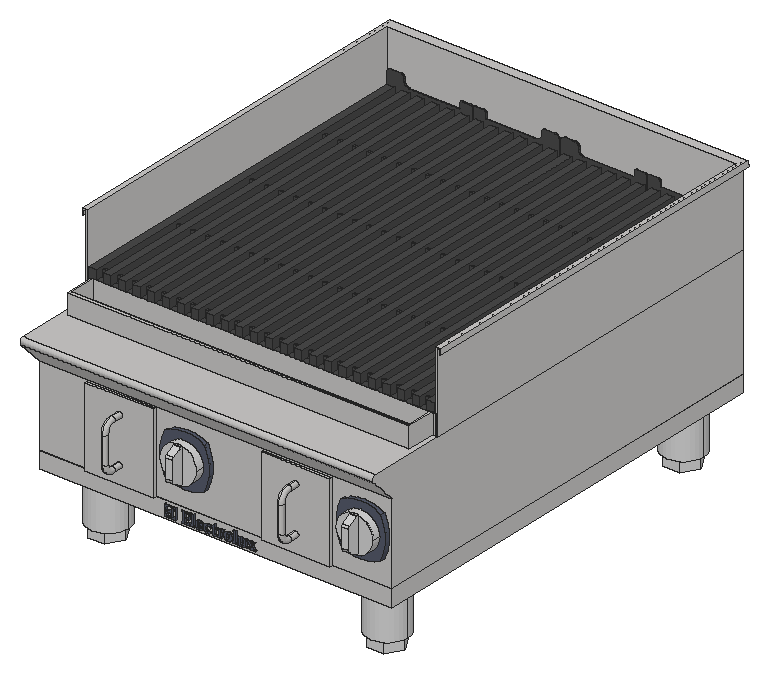
Revit family "QF_ELECTROLUXPROFESSIONAL_169120_AGG24", category Specialty Equipment, Revit 2018
Family settings
  Round Connector Dimension = Use Diameter
  Part Type = Normal
  Work Plane-Based = No
  Always vertical = Yes
  Cut with Voids When Loaded = No
  Shared = Yes
  Room Calculation Point = No
Parameters
  Weight = "130 lbs."
  Watts = 0 W
  URL Manufacturer = "www.electrolux.com/foodservice"
  URL Cutsheet = "www.electrolux.com/foodservice"
  URL = "www.electrolux.com/foodservice"
  Type Mark [instance] = ""
  Type Comments = ""
  Status [instance] = ""
  Specification by User [instance] = ""
  Specification by Manufacturer = ""
  Show Logo [instance] = yes
  Show Clearance [instance] = yes
  Serial Number = ""
  Seismic Rating = ""
  SMACNA No = ""
  Revision Code [instance] = ""
  Omniclass Number and Title = ""
  NAFEM Spec ID Number = ""
  Model = "AGG24"
  Mechanical Remarks [instance] = ""
  Mechanical Connection Type [instance] = ""
  MasterSpec. = ""
  Manufacturer = "ELECTROLUX"
  Item Number [instance] = ""
  Installed By [instance] = ""
  Identify Quantity as Lot [instance] = yes
  HP = "0 HP"
  Gas Size = 3/4"
  Gas RI Height [instance] = 0"
  Gas RI Connection Height [instance] = 6 15/16"
  Gas KW = 19.3
  Gas Input = 66000.0 Btu/h
  Furnished By [instance] = ""
  Foodservice Equipment Identifier [instance] = yes
  Direct Waste Size = 0"
  Description = "Gas Charbroiler Top 24\""
  CSI MasterFormat = ""
  CSI Master Format = ""
Reference planes (in)
  plane 1 "BACK": y = 0
  plane 2: z = 0
  plane 3 "LEFT": x = 0
  plane 4 "RIGHT": x = 24
  plane 5 "FRONT": y = -31.49658
  plane 6 "TOP": z = 18.375
Forms (in)
  Extrusion 1, solid, material "QF_Finishes_Stainless Steel"
    sketch origin (0, 0, 0) x (0, 1, 0) y (0, 0, 1)
      loop
        arc (-31.25479, 12.9375) -> (-31.47376, 12.79398) -> (-31.42952, 12.53592) r 0.23881
        line (-31.42952, 12.53592) -> (-29.875, 10.86712) -> (-29.875, 5.4064) -> (0, 5.4064) -> (0, 12.9375) -> (-31.25479, 12.9375)
      loop
        line (-29.875, 5.36699) -> (-29.875, 4.25) -> (0, 4.25) -> (0, 5.34478) -> (-29.875, 5.36699)
    from 0 to 24.00787
  Extrusion 2, solid, material "QF_Finishes_Handrails and Railings"
    sketch origin (0.0197, -1.36719, 0) x (1, 0, 0) y (0, 1, 0)
      loop
        line (3.07085, -24.73494) -> (1.88975, -24.73494) -> (1.2992, -25.75781) -> (1.88975, -26.78067) -> (3.07085, -26.78067) -> (3.6614, -25.75781) -> (3.07085, -24.73494)
    from 0 to 0.78729
  Revolve 3, solid, material "QF_Finishes_Handrails and Railings"
    sketch origin (0.0197, -27.125, 0) x (1, 0, 0) y (0, 0, 1)
      loop
        line (2.4803, 0.78729) -> (2.4803, 4.25) -> (1.10235, 4.25) -> (1.10235, 0.78729) -> (2.4803, 0.78729)
      axis (2.4803, 4.25) -> (2.4803, 0.78729)
    angle from 0 to 360
  Extrusion 4, solid, material "QF_Finishes_Handrails and Railings"
    sketch origin (0.0197, 23.82031, 0) x (1, 0, 0) y (0, 1, 0)
      loop
        line (3.07085, -24.73494) -> (1.88975, -24.73494) -> (1.2992, -25.75781) -> (1.88975, -26.78067) -> (3.07085, -26.78067) -> (3.6614, -25.75781) -> (3.07085, -24.73494)
    from 0 to 0.78729
  Revolve 5, solid, material "QF_Finishes_Handrails and Railings"
    sketch origin (0.0197, -1.9375, 0) x (1, 0, 0) y (0, 0, 1)
      loop
        line (2.4803, 0.78729) -> (2.4803, 4.25) -> (1.10235, 4.25) -> (1.10235, 0.78729) -> (2.4803, 0.78729)
      axis (2.4803, 4.25) -> (2.4803, 0.78729)
    angle from 0 to 360
  Extrusion 6, solid, material "Navy Blue"
    sketch origin (18, 0, 0) x (-1, 0, 0) y (0, 0, -1)
      loop
        arc (6.50574, -9.87065) -> (7.85673, -10.23541) -> (9.20772, -9.87065) r 2.68427
        arc (9.20772, -9.87065) -> (9.54528, -8.46518) -> (9.20772, -7.05971) r 3.09468
        arc (9.20772, -7.05971) -> (7.85673, -6.69495) -> (6.50574, -7.05971) r 2.68427
        arc (6.50574, -7.05971) -> (6.16818, -8.46518) -> (6.50574, -9.87065) r 3.09468
    from 29.875 to 30.17272
  Extrusion 7, solid, material "QF_Finishes_Handrails and Railings"
    sketch origin (18, 0, 0) x (-1, 0, 0) y (0, 0, -1)
      loop
        circle (7.85673, -8.46518) r 1.25
    from 30.17272 to 30.7208
  Extrusion 8, solid, material "QF_Finishes_Handrails and Railings"
    sketch origin (18, -0.08156, 0) x (0, 1, 0) y (0, 0, -1)
      loop
        line (-30.7208, -9.61954) -> (-30.63924, -9.61954) -> (-30.63924, -7.31125) -> (-30.7208, -7.31125) -> (-31.27282, -7.62384)
        arc (-31.27282, -7.62384) -> (-31.37661, -7.72631) -> (-31.41471, -7.86711) r 0.27972
        line (-31.41471, -7.86711) -> (-31.41533, -9.12681)
        arc (-31.41533, -9.12681) -> (-31.39236, -9.21203) -> (-31.32961, -9.27409) r 0.16924
        line (-31.32961, -9.27409) -> (-30.7208, -9.61954)
    from 7.63866 to 8.09484
  Extrusion 9, solid, material "Navy Blue", visible <- "Show Logo"
    sketch origin (-13.82651, 16.02487, -64.47924) x (1, 0, 0) y (0, 0, 1)
      loop
        line (22.92786, 69.6462) -> (22.92786, 68.97238)
        arc (22.92786, 68.97238) -> (23.17694, 69.30929) -> (22.92786, 69.6462) r 0.35239
      loop
        arc (22.89359, 69.6462) -> (22.61337, 69.58251) -> (22.47836, 69.32883) r 0.34534
        line (22.47836, 69.32883) -> (22.58983, 69.32883)
        arc (22.58983, 69.32883) -> (22.78898, 69.40966) -> (22.89359, 69.59741) r 0.32369
        line (22.89359, 69.59741) -> (22.89359, 69.6462)
      loop
        arc (22.89359, 69.02118) -> (22.78898, 69.20892) -> (22.58983, 69.28976) r 0.32369
        line (22.58983, 69.28976) -> (22.47836, 69.28976)
        arc (22.47836, 69.28976) -> (22.61314, 69.03398) -> (22.89359, 68.96373) r 0.35438
        line (22.89359, 68.96373) -> (22.89359, 69.02118)
      loop
        line (22.45278, 69.68297) -> (22.45278, 68.93408) -> (23.20268, 68.93408) -> (23.20268, 69.68297) -> (22.45278, 69.68297)
      loop
        line (23.57392, 69.68753) -> (23.57392, 69.6483)
        arc (23.57392, 69.6483) -> (23.62149, 69.63495) -> (23.64661, 69.59241) r 0.06626
        line (23.64661, 69.59241) -> (23.64661, 69.02506)
        arc (23.64661, 69.02506) -> (23.62256, 68.98016) -> (23.57396, 68.96488) r 0.06745
        line (23.57396, 68.96488) -> (23.57396, 68.92937) -> (24.14289, 68.92937) -> (24.14289, 69.07925) -> (24.094, 69.07925)
        arc (24.094, 69.07925) -> (24.0624, 69.02972) -> (24.00915, 69.0049) r 0.10503
        line (24.00915, 69.0049) -> (23.87299, 69.0049)
        arc (23.87299, 69.0049) -> (23.83329, 69.01991) -> (23.81345, 69.05743) r 0.06
        line (23.81345, 69.05743) -> (23.81345, 69.28009) -> (24.01361, 69.28009)
        arc (24.01361, 69.28009) -> (24.04135, 69.26003) -> (24.05328, 69.22795) r 0.05899
        line (24.05328, 69.22795) -> (24.08489, 69.22795) -> (24.08489, 69.40532) -> (24.05328, 69.40532)
        arc (24.05328, 69.40532) -> (24.04135, 69.37324) -> (24.01361, 69.35319) r 0.05899
        line (24.01361, 69.35319) -> (23.81345, 69.35319) -> (23.81345, 69.60803) -> (24.01764, 69.60803)
        arc (24.01764, 69.60803) -> (24.06367, 69.59288) -> (24.08951, 69.55188) r 0.07161
        line (24.08951, 69.55188) -> (24.12389, 69.55188) -> (24.12389, 69.68753) -> (23.57392, 69.68753)
      loop
        line (24.19687, 69.68753) -> (24.19687, 69.65098)
        arc (24.19687, 69.65098) -> (24.24558, 69.63081) -> (24.26576, 69.58209) r 0.06889
        line (24.26576, 69.58209) -> (24.26576, 69.05632)
        arc (24.26576, 69.05632) -> (24.24416, 69.00892) -> (24.19421, 68.99412) r 0.06281
        line (24.19421, 68.99412) -> (24.19421, 68.92937) -> (24.48487, 68.92937) -> (24.48487, 68.99412)
        arc (24.48487, 68.99412) -> (24.43492, 69.00892) -> (24.41332, 69.05632) r 0.06281
        line (24.41332, 69.05632) -> (24.41332, 69.71411) -> (24.19687, 69.68753)
      loop
        line (24.67774, 69.1307) -> (24.67774, 69.19988) -> (25.02902, 69.19988) -> (25.02902, 69.24342)
        arc (25.02902, 69.24342) -> (24.97537, 69.38403) -> (24.8417, 69.45315) r 0.21106
        line (24.8417, 69.45315) -> (24.74575, 69.45315)
        arc (24.74575, 69.45315) -> (24.58967, 69.3885) -> (24.52503, 69.23242) r 0.22073
        line (24.52503, 69.23242) -> (24.52503, 69.123)
        arc (24.52503, 69.123) -> (24.60594, 68.96944) -> (24.76978, 68.91213) r 0.23712
        arc (24.76978, 68.91213) -> (24.904, 68.93198) -> (25.01703, 69.00704) r 0.31131
        line (25.01703, 69.00704) -> (25.01703, 69.05875)
        arc (25.01703, 69.05875) -> (24.93153, 69.01883) -> (24.83791, 69.00704) r 0.304
        arc (24.83791, 69.00704) -> (24.73948, 69.04304) -> (24.68203, 69.1307) r 0.16658
      loop
        line (24.67774, 69.2685) -> (24.88387, 69.2685) -> (24.88387, 69.31067)
        arc (24.88387, 69.31067) -> (24.8636, 69.36636) -> (24.81228, 69.39599) r 0.08663
        line (24.81228, 69.39599) -> (24.7671, 69.39599)
        arc (24.7671, 69.39599) -> (24.69868, 69.34888) -> (24.67774, 69.2685) r 0.11901
      loop
        arc (25.57907, 69.42057) -> (25.48785, 69.4472) -> (25.39322, 69.45579) r 0.49163
        line (25.39322, 69.45579) -> (25.31898, 69.45579)
        arc (25.31898, 69.45579) -> (25.16644, 69.39261) -> (25.10326, 69.24007) r 0.21572
        line (25.10326, 69.24007) -> (25.10326, 69.09839)
        arc (25.10326, 69.09839) -> (25.1737, 68.97407) -> (25.30297, 68.91318) r 0.23599
        line (25.30297, 68.91318) -> (25.41932, 68.91318)
        arc (25.41932, 68.91318) -> (25.51994, 68.94946) -> (25.60259, 69.01736) r 0.31449
        line (25.60259, 69.01736) -> (25.60259, 69.06672) -> (25.56735, 69.06672)
        arc (25.56735, 69.06672) -> (25.51758, 69.02418) -> (25.45391, 69.00888) r 0.14017
        line (25.45391, 69.00888) -> (25.37135, 69.00888)
        arc (25.37135, 69.00888) -> (25.28191, 69.06369) -> (25.2469, 69.16257) r 0.15712
        line (25.2469, 69.16257) -> (25.2469, 69.23224)
        arc (25.2469, 69.23224) -> (25.27742, 69.33147) -> (25.36813, 69.38195) r 0.13914
        line (25.36813, 69.38195) -> (25.42553, 69.38195)
        arc (25.42553, 69.38195) -> (25.4982, 69.34763) -> (25.53993, 69.27894) r 0.13972
        line (25.53993, 69.27894) -> (25.57907, 69.27894) -> (25.57907, 69.42057)
      loop
        line (25.5938, 69.36509) -> (25.67558, 69.36509) -> (25.67558, 69.03555)
        arc (25.67558, 69.03555) -> (25.71142, 68.94902) -> (25.79795, 68.91318) r 0.12237
        line (25.79795, 68.91318) -> (25.88423, 68.91318)
        arc (25.88423, 68.91318) -> (25.95312, 68.94271) -> (26.00819, 68.99355) r 0.22123
        line (26.00819, 68.99355) -> (26.00819, 69.02847) -> (25.97122, 69.02847)
        arc (25.97122, 69.02847) -> (25.93052, 69.00759) -> (25.88479, 69.00888) r 0.09207
        arc (25.88479, 69.00888) -> (25.84186, 69.03838) -> (25.82533, 69.08778) r 0.08208
        line (25.82533, 69.08778) -> (25.82533, 69.36773) -> (25.95595, 69.36773) -> (25.98627, 69.39804) -> (25.98627, 69.44281) -> (25.83045, 69.44281) -> (25.83045, 69.61886) -> (25.5938, 69.36509)
      loop
        line (26.03517, 68.92504) -> (26.32868, 68.92504) -> (26.32868, 68.98552)
        arc (26.32868, 68.98552) -> (26.27686, 69.00698) -> (26.2554, 69.0588) r 0.07328
        line (26.2554, 69.0588) -> (26.2554, 69.25583)
        arc (26.2554, 69.25583) -> (26.28765, 69.29749) -> (26.33792, 69.31327) r 0.088
        line (26.33792, 69.31327) -> (26.42268, 69.31327) -> (26.46, 69.45253) -> (26.38466, 69.45253)
        arc (26.38466, 69.45253) -> (26.3098, 69.42153) -> (26.2788, 69.34667) r 0.10586
        line (26.2788, 69.34667) -> (26.24521, 69.34667) -> (26.24521, 69.44913) -> (26.0346, 69.42699) -> (26.0346, 69.39208)
        arc (26.0346, 69.39208) -> (26.08292, 69.37113) -> (26.10845, 69.32506) r 0.08178
        line (26.10845, 69.32506) -> (26.10845, 69.0588)
        arc (26.10845, 69.0588) -> (26.08698, 69.00698) -> (26.03517, 68.98552) r 0.07328
        line (26.03517, 68.98552) -> (26.03517, 68.92504)
      loop
        line (26.4717, 69.2575) -> (26.4717, 69.11082)
        arc (26.4717, 69.11082) -> (26.54295, 68.97757) -> (26.68084, 68.91579) r 0.23366
        arc (26.68084, 68.91579) -> (26.75604, 68.91233) -> (26.83125, 68.91579) r 0.81853
        arc (26.83125, 68.91579) -> (26.96914, 68.97757) -> (27.04039, 69.11082) r 0.23366
        line (27.04039, 69.11082) -> (27.04039, 69.2575)
        arc (27.04039, 69.2575) -> (26.96914, 69.39075) -> (26.83125, 69.45253) r 0.23366
        arc (26.83125, 69.45253) -> (26.75604, 69.45599) -> (26.68084, 69.45253) r 0.81853
        arc (26.68084, 69.45253) -> (26.54295, 69.39075) -> (26.4717, 69.2575) r 0.23366
      loop
        line (26.64139, 69.26866) -> (26.64139, 69.09966)
        arc (26.64139, 69.09966) -> (26.75891, 68.98213) -> (26.87643, 69.09966) r 0.11752
        line (26.87643, 69.09966) -> (26.87643, 69.26866)
        arc (26.87643, 69.26866) -> (26.75891, 69.38619) -> (26.64139, 69.26866) r 0.11752
      loop
        line (27.08187, 69.68753) -> (27.08187, 69.64903)
        arc (27.08187, 69.64903) -> (27.13059, 69.62885) -> (27.15076, 69.58014) r 0.06889
        line (27.15076, 69.58014) -> (27.15076, 69.04265)
        arc (27.15076, 69.04265) -> (27.12916, 68.99525) -> (27.07922, 68.98045) r 0.06281
        line (27.07922, 68.98045) -> (27.07922, 68.92937) -> (27.36987, 68.92937) -> (27.36987, 68.98045)
        arc (27.36987, 68.98045) -> (27.31992, 68.99525) -> (27.29832, 69.04265) r 0.06281
        line (27.29832, 69.04265) -> (27.29832, 69.71411) -> (27.08187, 69.68753)
      loop
        arc (27.56578, 68.9189) -> (27.48158, 68.95913) -> (27.44739, 69.04596) r 0.12738
        line (27.44739, 69.04596) -> (27.44739, 69.31948)
        arc (27.44739, 69.31948) -> (27.42537, 69.36878) -> (27.37395, 69.38526) r 0.06618
        line (27.37395, 69.38526) -> (27.37395, 69.42631) -> (27.59762, 69.44982) -> (27.59762, 69.11219)
        arc (27.59762, 69.11219) -> (27.62174, 69.04935) -> (27.68172, 69.01879) r 0.09392
        arc (27.68172, 69.01879) -> (27.73752, 69.02275) -> (27.78856, 69.04565) r 0.16019
        line (27.78856, 69.04565) -> (27.78856, 69.32369)
        arc (27.78856, 69.32369) -> (27.76083, 69.36469) -> (27.71529, 69.38406) r 0.08743
        line (27.71529, 69.38406) -> (27.71529, 69.42692) -> (27.94433, 69.44294) -> (27.94433, 69.02604)
        arc (27.94433, 69.02604) -> (27.9585, 68.98878) -> (27.99384, 68.97036) r 0.05606
        line (27.99384, 68.97036) -> (27.99384, 68.92937) -> (27.8523, 68.92937)
        arc (27.8523, 68.92937) -> (27.81996, 68.94344) -> (27.80822, 68.97669) r 0.04419
        line (27.80822, 68.97669) -> (27.77574, 68.97669)
        arc (27.77574, 68.97669) -> (27.72, 68.93392) -> (27.65141, 68.91872) r 0.1623
        line (27.65141, 68.91872) -> (27.5689, 68.91872)
      loop
        line (27.99384, 69.43917) -> (27.99384, 69.40417)
        arc (27.99384, 69.40417) -> (28.05152, 69.38277) -> (28.10231, 69.34805) r 0.25223
        line (28.10231, 69.34805) -> (28.22795, 69.17511) -> (28.05838, 68.98679)
        arc (28.05838, 68.98679) -> (28.03693, 68.97387) -> (28.01192, 68.97509) r 0.04299
        line (28.01192, 68.97509) -> (28.01192, 68.92937) -> (28.20509, 68.92937) -> (28.20509, 68.97439)
        arc (28.20509, 68.97439) -> (28.18534, 68.99304) -> (28.19035, 69.01974) r 0.02835
        line (28.19035, 69.01974) -> (28.27051, 69.11781) -> (28.34546, 69.00239)
        arc (28.34546, 69.00239) -> (28.32857, 68.98053) -> (28.30136, 68.97581) r 0.03815
        line (28.30136, 68.97581) -> (28.30136, 68.92937) -> (28.63046, 68.92937) -> (28.63046, 68.97768)
        arc (28.63046, 68.97768) -> (28.59456, 68.98133) -> (28.56559, 69.00285) r 0.06795
        line (28.56559, 69.00285) -> (28.38385, 69.23546) -> (28.48746, 69.35895)
        arc (28.48746, 69.35895) -> (28.53396, 69.39302) -> (28.59095, 69.40172) r 0.12107
        line (28.59095, 69.40172) -> (28.59095, 69.43917) -> (28.38306, 69.43917) -> (28.38306, 69.40172)
        arc (28.38306, 69.40172) -> (28.41038, 69.38848) -> (28.40759, 69.35825) r 0.02666
        line (28.40759, 69.35825) -> (28.33803, 69.27536) -> (28.27317, 69.36799)
        arc (28.27317, 69.36799) -> (28.28698, 69.39468) -> (28.31549, 69.40418) r 0.03992
        line (28.31549, 69.40418) -> (28.31549, 69.43917) -> (27.99384, 69.43917)
    from 45.89987 to 45.9727
  Extrusion 10, solid, material "QF_Finishes_Clearance", visible <- "Show Clearance", detail levels coarse
    sketch origin (2.80868, 0.84181, 0) x (1, 0, 0) y (0, 1, 0)
      loop
        line (-8.80868, -32.33839) -> (-2.80868, -32.33839) -> (-2.80868, -0.84181) -> (21.19919, -0.84181) -> (21.19919, -32.33839) -> (27.19919, -32.33839) -> (27.19919, 7.15819) -> (-8.80868, 7.15819) -> (-8.80868, -32.33839)
    from 0 to 18.375
  Extrusion 11, solid, material "QF_Finishes_Stainless Steel"
    sketch origin (-7.19537, -1.848, 2.75) x (1, 0, 0) y (0, 0, 1)
      loop
        circle (8.69537, 4.1875) r 0.375
    from -2.473 to -1.848
  Extrusion 12, solid, material "QF_Finishes_Handrails and Railings"
    sketch origin (23.9803, -1.36719, 0) x (-1, 0, 0) y (0, -1, 0)
      loop
        line (3.07085, 24.73494) -> (3.6614, 25.75781) -> (3.07085, 26.78067) -> (1.88975, 26.78067) -> (1.2992, 25.75781) -> (1.88975, 24.73494) -> (3.07085, 24.73494)
    from 0 to 0.78729
  Revolve 13, solid, material "QF_Finishes_Handrails and Railings"
    sketch origin (23.9803, -27.125, 0) x (-1, 0, 0) y (0, 0, -1)
      loop
        line (2.4803, -0.78729) -> (1.10235, -0.78729) -> (1.10235, -4.25) -> (2.4803, -4.25) -> (2.4803, -0.78729)
      axis (2.4803, -4.25) -> (2.4803, -0.78729)
    angle from 0 to 360
  Extrusion 14, solid, material "QF_Finishes_Handrails and Railings"
    sketch origin (23.9803, 23.82031, 0) x (-1, 0, 0) y (0, -1, 0)
      loop
        line (3.07085, 24.73494) -> (3.6614, 25.75781) -> (3.07085, 26.78067) -> (1.88975, 26.78067) -> (1.2992, 25.75781) -> (1.88975, 24.73494) -> (3.07085, 24.73494)
    from 0 to 0.78729
  Revolve 15, solid, material "QF_Finishes_Handrails and Railings"
    sketch origin (23.9803, -1.9375, 0) x (-1, 0, 0) y (0, 0, -1)
      loop
        line (2.4803, -0.78729) -> (1.10235, -0.78729) -> (1.10235, -4.25) -> (2.4803, -4.25) -> (2.4803, -0.78729)
      axis (2.4803, -4.25) -> (2.4803, -0.78729)
    angle from 0 to 360
  Extrusion 16, solid, material "QF_Finishes_Stainless Steel"
    sketch origin (14.08679, -0.01486, 0.01533) x (0, 0, 1) y (-1, 0, 0)
      loop
        line (5.37858, 6.1313) -> (10.77228, 6.1313) -> (10.77228, 10.81634) -> (5.37858, 10.81634) -> (5.37858, 6.1313)
    from 29.92264 to 30.06107
  Sweep 17, solid, material "QF_Finishes_Stainless Steel"
    path origin (5.61296, 6.02097, 25.16218) x (0, 0, -1) y (0, -1, 0)
      loop
        line (18.42574, 36.0969) -> (18.42574, 36.7219)
        arc (18.42574, 36.7219) -> (18.29892, 37.02809) -> (17.99273, 37.15492) r 0.43301
        line (17.99273, 37.15492) -> (16.1501, 37.15492)
        arc (16.1501, 37.15492) -> (15.84391, 37.02809) -> (15.71708, 36.7219) r 0.43301
        line (15.71708, 36.7219) -> (15.71708, 36.0969)
    profile origin (5.61296, -30.38843, 9.44509) x (0, 0, -1) y (-1, 0, 0)
      loop
        circle (-0.1847, 0) r 0.1847
  Extrusion 18, solid, material "QF_Finishes_Stainless Steel"
    sketch origin (0, 0, 0) x (1, 0, 0) y (0, 1, 0)
      loop
        line (0.125, -25.94113) -> (0.125, -0.47213) -> (23.88287, -0.47213) -> (23.88287, -25.94113) -> (24.00787, -25.94113) -> (24.00787, 0) -> (0, 0) -> (0, -25.94113) -> (0.125, -25.94113)
    from 12.9375 to 18.375
  Extrusion 19, solid, material "QF_Finishes_Stainless Steel"
    sketch origin (0, 0, 0) x (0, 1, 0) y (0, 0, 1)
      loop
        line (-0.47213, 14.3125) -> (-25.94113, 14.3125) -> (-25.94113, 12.9375) -> (-0.47213, 12.9375) -> (-0.47213, 14.3125)
    from 0.125 to 23.88287
  Extrusion 20, solid, material "QF_Finishes_Stainless Steel"
    sketch origin (0, 1.77555, 0.0625) x (1, 0, 0) y (0, 1, 0)
      loop
        line (23.61418, -29.68276) -> (23.61418, -27.71668) -> (23.48918, -27.71668) -> (23.48918, -29.55776) -> (0.5187, -29.55776) -> (0.5187, -27.71668) -> (0.3937, -27.71668) -> (0.3937, -29.68276) -> (23.61418, -29.68276)
    from 12.8739 to 14.25
  Extrusion 21, solid, material "QF_Finishes_Black"
    sketch origin (0, 0, 0.23007) x (1, 0, 0) y (0, 0, 1)
      loop
        line (0.25, 14.70743) -> (0.25, 14.08243) -> (0.74213, 14.08243) -> (0.74213, 14.70743) -> (0.25, 14.70743)
      loop
        line (1.25, 14.70743) -> (1.25, 14.08243) -> (1.74213, 14.08243) -> (1.74213, 14.70743) -> (1.25, 14.70743)
      loop
        line (2.25, 14.70743) -> (2.25, 14.08243) -> (2.74213, 14.08243) -> (2.74213, 14.70743) -> (2.25, 14.70743)
      loop
        line (3.25, 14.70743) -> (3.25, 14.08243) -> (3.74213, 14.08243) -> (3.74213, 14.70743) -> (3.25, 14.70743)
      loop
        line (4.25, 14.70743) -> (4.25, 14.08243) -> (4.74213, 14.08243) -> (4.74213, 14.70743) -> (4.25, 14.70743)
      loop
        line (5.25, 14.70743) -> (5.25, 14.08243) -> (5.74213, 14.08243) -> (5.74213, 14.70743) -> (5.25, 14.70743)
      loop
        line (6.25, 14.70743) -> (6.25, 14.08243) -> (6.74213, 14.08243) -> (6.74213, 14.70743) -> (6.25, 14.70743)
      loop
        line (7.25, 14.70743) -> (7.25, 14.08243) -> (7.74213, 14.08243) -> (7.74213, 14.70743) -> (7.25, 14.70743)
      loop
        line (8.25, 14.70743) -> (8.25, 14.08243) -> (8.74213, 14.08243) -> (8.74213, 14.70743) -> (8.25, 14.70743)
      loop
        line (9.25, 14.70743) -> (9.25, 14.08243) -> (9.74213, 14.08243) -> (9.74213, 14.70743) -> (9.25, 14.70743)
      loop
        line (10.25, 14.70743) -> (10.25, 14.08243) -> (10.74213, 14.08243) -> (10.74213, 14.70743) -> (10.25, 14.70743)
      loop
        line (11.25, 14.70743) -> (11.25, 14.08243) -> (11.74213, 14.08243) -> (11.74213, 14.70743) -> (11.25, 14.70743)
    from 0.53463 to 25.94113
  Extrusion 22, solid, material "QF_Finishes_Black"
    sketch origin (0, -0.79298, 0.23007) x (1, 0, 0) y (0, 1, 0)
      loop
        line (0.74213, -24.6794) -> (23.26575, -24.6794) -> (23.26575, -24.5544) -> (0.74213, -24.5544) -> (0.74213, -24.6794)
    from 14.08243 to 14.55429
  Extrusion 23, solid, material "QF_Finishes_Black"
    sketch origin (0, 5.45702, 0.23007) x (1, 0, 0) y (0, 1, 0)
      loop
        line (0.74213, -24.6794) -> (23.26575, -24.6794) -> (23.26575, -24.5544) -> (0.74213, -24.5544) -> (0.74213, -24.6794)
    from 14.08243 to 14.55429
  Extrusion 24, solid, material "QF_Finishes_Black"
    sketch origin (0, 11.70702, 0.23007) x (1, 0, 0) y (0, 1, 0)
      loop
        line (0.74213, -24.6794) -> (23.26575, -24.6794) -> (23.26575, -24.5544) -> (0.74213, -24.5544) -> (0.74213, -24.6794)
    from 14.08243 to 14.55429
  Extrusion 25, solid, material "QF_Finishes_Black"
    sketch origin (0, 17.95702, 0.23007) x (1, 0, 0) y (0, 1, 0)
      loop
        line (0.74213, -24.6794) -> (23.26575, -24.6794) -> (23.26575, -24.5544) -> (0.74213, -24.5544) -> (0.74213, -24.6794)
    from 14.08243 to 14.55429
  Extrusion 26, solid, material "QF_Finishes_Black"
    sketch origin (0, -0.47213, 0.23007) x (1, 0, 0) y (0, 0, 1)
      loop
        line (6.03125, 14.08243) -> (6.03125, 15.29625)
        arc (6.03125, 15.29625) -> (5.98404, 15.41022) -> (5.87007, 15.45743) r 0.16118
        line (5.87007, 15.45743) -> (5.34868, 15.45743)
        arc (5.34868, 15.45743) -> (5.23471, 15.41022) -> (5.1875, 15.29625) r 0.16118
        line (5.1875, 15.29625) -> (5.1875, 14.95743) -> (1.71808, 14.95743)
        arc (1.71808, 14.95743) -> (1.47549, 15.05792) -> (1.375, 15.30051) r 0.34308
        line (1.375, 15.30051) -> (1.375, 15.45743)
        arc (1.375, 15.45743) -> (1.30178, 15.63421) -> (1.125, 15.70743) r 0.25
        line (1.125, 15.70743) -> (0.5414, 15.70743)
        arc (0.5414, 15.70743) -> (0.24696, 15.58547) -> (0.125, 15.29104) r 0.4164
        line (0.125, 15.29104) -> (0.125, 14.08243) -> (6.03125, 14.08243)
    from 0 to 0.0625
  Extrusion 27, solid, material "QF_Finishes_Black"
    sketch origin (12.125, -0.47213, 0.23007) x (-1, 0, 0) y (0, 0, -1)
      loop
        line (6.03125, -14.08243) -> (0.125, -14.08243) -> (0.125, -15.29104)
        arc (0.125, -15.29104) -> (0.24696, -15.58547) -> (0.5414, -15.70743) r 0.4164
        line (0.5414, -15.70743) -> (1.125, -15.70743)
        arc (1.125, -15.70743) -> (1.30178, -15.63421) -> (1.375, -15.45743) r 0.25
        line (1.375, -15.45743) -> (1.375, -15.30051)
        arc (1.375, -15.30051) -> (1.47549, -15.05792) -> (1.71808, -14.95743) r 0.34308
        line (1.71808, -14.95743) -> (5.1875, -14.95743) -> (5.1875, -15.29625)
        arc (5.1875, -15.29625) -> (5.23471, -15.41022) -> (5.34868, -15.45743) r 0.16118
        line (5.34868, -15.45743) -> (5.87007, -15.45743)
        arc (5.87007, -15.45743) -> (5.98404, -15.41022) -> (6.03125, -15.29625) r 0.16118
        line (6.03125, -15.29625) -> (6.03125, -14.08243)
    from 0 to 0.0625
  Sweep 28, solid, material "QF_Finishes_Stainless Steel"
    path in 3D
      loop
        line (24.00787, -25.94113, 18.375) -> (24.00787, 0, 18.375) -> (0, 0, 18.375) -> (0, -25.94113, 18.375)
    profile origin (0, -12.97057, 18.375) x (1, 0, 0) y (0, 0, 1)
      loop
        line (0, 0) -> (-0.2067, 0) -> (-0.2067, -0.39097) -> (-0.1442, -0.39097) -> (-0.1442, -0.0625) -> (0, -0.0625) -> (0, 0)
  Extrusion 29, solid, material "QF_Finishes_Stainless Steel"
    sketch origin (0, 2.02555, 0.0625) x (1, 0, 0) y (0, 1, 0)
      loop
        line (0.5187, -29.80776) -> (23.48918, -29.80776) -> (23.48918, -27.96668) -> (0.5187, -27.96668) -> (0.5187, -29.80776)
    from 12.8739 to 12.9989
  Extrusion 30, solid, material "QF_Finishes_Black"
    sketch origin (12.01575, 0, 0.23007) x (1, 0, 0) y (0, 0, 1)
      loop
        line (0.25, 14.70743) -> (0.25, 14.08243) -> (0.74213, 14.08243) -> (0.74213, 14.70743) -> (0.25, 14.70743)
      loop
        line (1.25, 14.70743) -> (1.25, 14.08243) -> (1.74213, 14.08243) -> (1.74213, 14.70743) -> (1.25, 14.70743)
      loop
        line (2.25, 14.70743) -> (2.25, 14.08243) -> (2.74213, 14.08243) -> (2.74213, 14.70743) -> (2.25, 14.70743)
      loop
        line (3.25, 14.70743) -> (3.25, 14.08243) -> (3.74213, 14.08243) -> (3.74213, 14.70743) -> (3.25, 14.70743)
      loop
        line (4.25, 14.70743) -> (4.25, 14.08243) -> (4.74213, 14.08243) -> (4.74213, 14.70743) -> (4.25, 14.70743)
      loop
        line (5.25, 14.70743) -> (5.25, 14.08243) -> (5.74213, 14.08243) -> (5.74213, 14.70743) -> (5.25, 14.70743)
      loop
        line (6.25, 14.70743) -> (6.25, 14.08243) -> (6.74213, 14.08243) -> (6.74213, 14.70743) -> (6.25, 14.70743)
      loop
        line (7.25, 14.70743) -> (7.25, 14.08243) -> (7.74213, 14.08243) -> (7.74213, 14.70743) -> (7.25, 14.70743)
      loop
        line (8.25, 14.70743) -> (8.25, 14.08243) -> (8.74213, 14.08243) -> (8.74213, 14.70743) -> (8.25, 14.70743)
      loop
        line (9.25, 14.70743) -> (9.25, 14.08243) -> (9.74213, 14.08243) -> (9.74213, 14.70743) -> (9.25, 14.70743)
      loop
        line (10.25, 14.70743) -> (10.25, 14.08243) -> (10.74213, 14.08243) -> (10.74213, 14.70743) -> (10.25, 14.70743)
      loop
        line (11.25, 14.70743) -> (11.25, 14.08243) -> (11.74213, 14.08243) -> (11.74213, 14.70743) -> (11.25, 14.70743)
    from 0.53463 to 25.94113
  Extrusion 31, solid, material "QF_Finishes_Black"
    sketch origin (11.75, -0.79298, 0.23007) x (1, 0, 0) y (0, 1, 0)
      loop
        line (0.74213, -24.6794) -> (11.51575, -24.6794) -> (11.51575, -24.5544) -> (0.74213, -24.5544) -> (0.74213, -24.6794)
    from 14.08243 to 14.55429
  Extrusion 32, solid, material "QF_Finishes_Black"
    sketch origin (11.88287, -0.47213, 0.23007) x (1, 0, 0) y (0, 0, 1)
      loop
        line (6.03125, 14.08243) -> (6.03125, 15.29625)
        arc (6.03125, 15.29625) -> (5.98404, 15.41022) -> (5.87007, 15.45743) r 0.16118
        line (5.87007, 15.45743) -> (5.34868, 15.45743)
        arc (5.34868, 15.45743) -> (5.23471, 15.41022) -> (5.1875, 15.29625) r 0.16118
        line (5.1875, 15.29625) -> (5.1875, 14.95743) -> (1.71808, 14.95743)
        arc (1.71808, 14.95743) -> (1.47549, 15.05792) -> (1.375, 15.30051) r 0.34308
        line (1.375, 15.30051) -> (1.375, 15.45743)
        arc (1.375, 15.45743) -> (1.30178, 15.63421) -> (1.125, 15.70743) r 0.25
        line (1.125, 15.70743) -> (0.5414, 15.70743)
        arc (0.5414, 15.70743) -> (0.24696, 15.58547) -> (0.125, 15.29104) r 0.4164
        line (0.125, 15.29104) -> (0.125, 14.08243) -> (6.03125, 14.08243)
    from 0 to 0.0625
  Extrusion 33, solid, material "QF_Finishes_Black"
    sketch origin (24.00787, -0.47213, 0.23007) x (-1, 0, 0) y (0, 0, -1)
      loop
        line (6.03125, -14.08243) -> (0.125, -14.08243) -> (0.125, -15.29104)
        arc (0.125, -15.29104) -> (0.24696, -15.58547) -> (0.5414, -15.70743) r 0.4164
        line (0.5414, -15.70743) -> (1.125, -15.70743)
        arc (1.125, -15.70743) -> (1.30178, -15.63421) -> (1.375, -15.45743) r 0.25
        line (1.375, -15.45743) -> (1.375, -15.30051)
        arc (1.375, -15.30051) -> (1.47549, -15.05792) -> (1.71808, -14.95743) r 0.34308
        line (1.71808, -14.95743) -> (5.1875, -14.95743) -> (5.1875, -15.29625)
        arc (5.1875, -15.29625) -> (5.23471, -15.41022) -> (5.34868, -15.45743) r 0.16118
        line (5.34868, -15.45743) -> (5.87007, -15.45743)
        arc (5.87007, -15.45743) -> (5.98404, -15.41022) -> (6.03125, -15.29625) r 0.16118
        line (6.03125, -15.29625) -> (6.03125, -14.08243)
    from 0 to 0.0625
  Extrusion 34, solid, material "Navy Blue"
    sketch origin (30.00394, 0, 0) x (-1, 0, 0) y (0, 0, -1)
      loop
        arc (6.50574, -9.87065) -> (7.85673, -10.23541) -> (9.20772, -9.87065) r 2.68427
        arc (9.20772, -9.87065) -> (9.54528, -8.46518) -> (9.20772, -7.05971) r 3.09468
        arc (9.20772, -7.05971) -> (7.85673, -6.69495) -> (6.50574, -7.05971) r 2.68427
        arc (6.50574, -7.05971) -> (6.16818, -8.46518) -> (6.50574, -9.87065) r 3.09468
    from 29.875 to 30.17272
  Extrusion 35, solid, material "QF_Finishes_Handrails and Railings"
    sketch origin (30.00394, 0, 0) x (-1, 0, 0) y (0, 0, -1)
      loop
        circle (7.85673, -8.46518) r 1.25
    from 30.17272 to 30.7208
  Extrusion 36, solid, material "QF_Finishes_Handrails and Railings"
    sketch origin (30.00394, -0.08156, 0) x (0, 1, 0) y (0, 0, -1)
      loop
        line (-30.7208, -9.61954) -> (-30.63924, -9.61954) -> (-30.63924, -7.31125) -> (-30.7208, -7.31125) -> (-31.27282, -7.62384)
        arc (-31.27282, -7.62384) -> (-31.37661, -7.72631) -> (-31.41471, -7.86711) r 0.27972
        line (-31.41471, -7.86711) -> (-31.41533, -9.12681)
        arc (-31.41533, -9.12681) -> (-31.39236, -9.21203) -> (-31.32961, -9.27409) r 0.16924
        line (-31.32961, -9.27409) -> (-30.7208, -9.61954)
    from 7.63866 to 8.09484
  Extrusion 37, solid, material "QF_Finishes_Stainless Steel"
    sketch origin (26.09466, -0.01486, 0.01533) x (0, 0, 1) y (-1, 0, 0)
      loop
        line (5.37858, 6.1313) -> (10.77228, 6.1313) -> (10.77228, 10.81634) -> (5.37858, 10.81634) -> (5.37858, 6.1313)
    from 29.92264 to 30.06107
  Sweep 38, solid, material "QF_Finishes_Stainless Steel"
    path origin (17.62083, 6.02097, 25.16218) x (0, 0, -1) y (0, -1, 0)
      loop
        line (18.42574, 36.0969) -> (18.42574, 36.7219)
        arc (18.42574, 36.7219) -> (18.29892, 37.02809) -> (17.99273, 37.15492) r 0.43301
        line (17.99273, 37.15492) -> (16.1501, 37.15492)
        arc (16.1501, 37.15492) -> (15.84391, 37.02809) -> (15.71708, 36.7219) r 0.43301
        line (15.71708, 36.7219) -> (15.71708, 36.0969)
    profile origin (17.62083, -30.38843, 9.44509) x (0, 0, -1) y (-1, 0, 0)
      loop
        circle (-0.1847, 0) r 0.1847
Cuts and joins
  joined: Extrusion 18, Sweep 28
  joined: Extrusion 20, Extrusion 29
Lines and regions (in)
  symbolic lines, style "QF-Clearances", visible <- "Show Clearance", detail levels coarse
    curve 1: line (-6, 8, 0) -> (30.00787, 8, 0)
    curve 2: line (-6, 8, 0) -> (-6, -31.49658, 0)
    curve 3: line (30.00787, -31.49658, 0) -> (30.00787, 8, 0)
  sketch lines
    curve 4: line (0, 0, 18.375) -> (0, -25.94113, 18.375)
    curve 5: line (24.00787, 0, 18.375) -> (0, 0, 18.375)
    curve 6: line (24.00787, -25.94113, 18.375) -> (24.00787, 0, 18.375)
  symbolic lines
    curve 7: line (0, 0, 0) -> (0, -31.49658, 0)
    curve 8: line (24.00787, 0, 0) -> (24.00787, -31.49658, 0)
    curve 9: line (24.00787, 0, 0) -> (0, 0, 0)
    curve 10: line (0.125, 0, 0) -> (0.125, -25.94113, 0)
    curve 11: line (23.88287, 0, 0) -> (23.88287, -25.94113, 0)
    curve 12: line (0, -25.94113, 0) -> (24.00787, -25.94113, 0)
    curve 13: line (0.125, -0.53463, 0) -> (23.88287, -0.53463, 0)
    curve 14: line (0.74213, -6.59738, 0) -> (1.25, -6.59738, 0)
    curve 15: line (0.74213, -6.72238, 0) -> (1.25, -6.72238, 0)
    curve 16: line (1.74213, -6.59738, 0) -> (2.25, -6.59738, 0)
    curve 17: line (1.74213, -6.72238, 0) -> (2.25, -6.72238, 0)
    curve 18: line (2.74213, -6.59738, 0) -> (3.25, -6.59738, 0)
    curve 19: line (2.74213, -6.72238, 0) -> (3.25, -6.72238, 0)
    curve 20: line (3.74213, -6.59738, 0) -> (4.25, -6.59738, 0)
    curve 21: line (3.74213, -6.72238, 0) -> (4.25, -6.72238, 0)
    curve 22: line (4.74213, -6.59738, 0) -> (5.25, -6.59738, 0)
    curve 23: line (4.74213, -6.72238, 0) -> (5.25, -6.72238, 0)
    curve 24: line (5.74213, -6.59738, 0) -> (6.25, -6.59738, 0)
    curve 25: line (5.74213, -6.72238, 0) -> (6.25, -6.72238, 0)
    curve 26: line (6.74213, -6.59738, 0) -> (7.25, -6.59738, 0)
    curve 27: line (6.74213, -6.72238, 0) -> (7.25, -6.72238, 0)
    curve 28: line (7.74213, -6.59738, 0) -> (8.25, -6.59738, 0)
    curve 29: line (7.74213, -6.72238, 0) -> (8.25, -6.72238, 0)
    curve 30: line (8.74213, -6.59738, 0) -> (9.25, -6.59738, 0)
    curve 31: line (8.74213, -6.72238, 0) -> (9.25, -6.72238, 0)
    curve 32: line (9.74213, -6.59738, 0) -> (10.25, -6.59738, 0)
    curve 33: line (9.74213, -6.72238, 0) -> (10.25, -6.72238, 0)
    curve 34: line (0.74213, -12.84738, 0) -> (1.25, -12.84738, 0)
    curve 35: line (0.74213, -12.97238, 0) -> (1.25, -12.97238, 0)
    curve 36: line (1.74213, -12.84738, 0) -> (2.25, -12.84738, 0)
    curve 37: line (1.74213, -12.97238, 0) -> (2.25, -12.97238, 0)
    curve 38: line (2.74213, -12.84738, 0) -> (3.25, -12.84738, 0)
    curve 39: line (2.74213, -12.97238, 0) -> (3.25, -12.97238, 0)
    curve 40: line (3.74213, -12.84738, 0) -> (4.25, -12.84738, 0)
    curve 41: line (3.74213, -12.97238, 0) -> (4.25, -12.97238, 0)
    curve 42: line (4.74213, -12.84738, 0) -> (5.25, -12.84738, 0)
    curve 43: line (4.74213, -12.97238, 0) -> (5.25, -12.97238, 0)
    curve 44: line (5.74213, -12.84738, 0) -> (6.25, -12.84738, 0)
    curve 45: line (5.74213, -12.97238, 0) -> (6.25, -12.97238, 0)
    curve 46: line (6.74213, -12.84738, 0) -> (7.25, -12.84738, 0)
    curve 47: line (6.74213, -12.97238, 0) -> (7.25, -12.97238, 0)
    curve 48: line (7.74213, -12.84738, 0) -> (8.25, -12.84738, 0)
    curve 49: line (7.74213, -12.97238, 0) -> (8.25, -12.97238, 0)
    curve 50: line (8.74213, -12.84738, 0) -> (9.25, -12.84738, 0)
    curve 51: line (8.74213, -12.97238, 0) -> (9.25, -12.97238, 0)
    curve 52: line (9.74213, -12.84738, 0) -> (10.25, -12.84738, 0)
    curve 53: line (9.74213, -12.97238, 0) -> (10.25, -12.97238, 0)
    curve 54: line (0.74213, -19.09738, 0) -> (1.25, -19.09738, 0)
    curve 55: line (0.74213, -19.22238, 0) -> (1.25, -19.22238, 0)
    curve 56: line (1.74213, -19.09738, 0) -> (2.25, -19.09738, 0)
    curve 57: line (1.74213, -19.22238, 0) -> (2.25, -19.22238, 0)
    curve 58: line (2.74213, -19.09738, 0) -> (3.25, -19.09738, 0)
    curve 59: line (2.74213, -19.22238, 0) -> (3.25, -19.22238, 0)
    curve 60: line (3.74213, -19.09738, 0) -> (4.25, -19.09738, 0)
    curve 61: line (3.74213, -19.22238, 0) -> (4.25, -19.22238, 0)
    curve 62: line (4.74213, -19.09738, 0) -> (5.25, -19.09738, 0)
    curve 63: line (4.74213, -19.22238, 0) -> (5.25, -19.22238, 0)
    curve 64: line (5.74213, -19.09738, 0) -> (6.25, -19.09738, 0)
    curve 65: line (5.74213, -19.22238, 0) -> (6.25, -19.22238, 0)
    curve 66: line (6.74213, -19.09738, 0) -> (7.25, -19.09738, 0)
    curve 67: line (6.74213, -19.22238, 0) -> (7.25, -19.22238, 0)
    curve 68: line (7.74213, -19.09738, 0) -> (8.25, -19.09738, 0)
    curve 69: line (7.74213, -19.22238, 0) -> (8.25, -19.22238, 0)
    curve 70: line (8.74213, -19.09738, 0) -> (9.25, -19.09738, 0)
    curve 71: line (8.74213, -19.22238, 0) -> (9.25, -19.22238, 0)
    curve 72: line (9.74213, -19.09738, 0) -> (10.25, -19.09738, 0)
    curve 73: line (9.74213, -19.22238, 0) -> (10.25, -19.22238, 0)
    curve 74: line (0.74213, -25.34738, 0) -> (1.25, -25.34738, 0)
    curve 75: line (0.74213, -25.47238, 0) -> (1.25, -25.47238, 0)
    curve 76: line (1.74213, -25.34738, 0) -> (2.25, -25.34738, 0)
    curve 77: line (1.74213, -25.47238, 0) -> (2.25, -25.47238, 0)
    curve 78: line (2.74213, -25.34738, 0) -> (3.25, -25.34738, 0)
    curve 79: line (2.74213, -25.47238, 0) -> (3.25, -25.47238, 0)
    curve 80: line (3.74213, -25.34738, 0) -> (4.25, -25.34738, 0)
    curve 81: line (3.74213, -25.47238, 0) -> (4.25, -25.47238, 0)
    curve 82: line (4.74213, -25.34738, 0) -> (5.25, -25.34738, 0)
    curve 83: line (4.74213, -25.47238, 0) -> (5.25, -25.47238, 0)
    curve 84: line (5.74213, -25.34738, 0) -> (6.25, -25.34738, 0)
    curve 85: line (5.74213, -25.47238, 0) -> (6.25, -25.47238, 0)
    curve 86: line (6.74213, -25.34738, 0) -> (7.25, -25.34738, 0)
    curve 87: line (6.74213, -25.47238, 0) -> (7.25, -25.47238, 0)
    curve 88: line (7.74213, -25.34738, 0) -> (8.25, -25.34738, 0)
    curve 89: line (7.74213, -25.47238, 0) -> (8.25, -25.47238, 0)
    curve 90: line (8.74213, -25.34738, 0) -> (9.25, -25.34738, 0)
    curve 91: line (8.74213, -25.47238, 0) -> (9.25, -25.47238, 0)
    curve 92: line (9.74213, -25.34738, 0) -> (10.25, -25.34738, 0)
    curve 93: line (9.74213, -25.47238, 0) -> (10.25, -25.47238, 0)
    curve 94: line (0.5187, -27.78222, 0) -> (0.5187, -25.94113, 0)
    curve 95: line (0.3937, -25.94113, 0) -> (0.3937, -27.90722, 0)
    curve 96: line (0.3937, -27.90722, 0) -> (23.61418, -27.90722, 0)
    curve 97: line (23.48918, -27.78222, 0) -> (0.5187, -27.78222, 0)
    curve 98: line (23.48918, -25.94113, 0) -> (23.48918, -27.78222, 0)
    curve 99: line (23.61418, -27.90722, 0) -> (23.61418, -25.94113, 0)
    curve 100: line (24.00787, -31.49658, 0) -> (0, -31.49658, 0)
    curve 101: line (1.125, 0.625, 0) -> (1.875, 0.625, 0)
    curve 102: line (1.875, 0.625, 0) -> (1.875, 0, 0)
    curve 103: line (1.125, 0.625, 0) -> (1.125, 0, 0)
    curve 104: line (23.26575, -6.59738, 0) -> (22.75787, -6.59738, 0)
    curve 105: line (23.26575, -6.72238, 0) -> (22.75787, -6.72238, 0)
    curve 106: line (22.26575, -6.59738, 0) -> (21.75787, -6.59738, 0)
    curve 107: line (22.26575, -6.72238, 0) -> (21.75787, -6.72238, 0)
    curve 108: line (21.26575, -6.59738, 0) -> (20.75787, -6.59738, 0)
    curve 109: line (21.26575, -6.72238, 0) -> (20.75787, -6.72238, 0)
    curve 110: line (20.26575, -6.59738, 0) -> (19.75787, -6.59738, 0)
    curve 111: line (20.26575, -6.72238, 0) -> (19.75787, -6.72238, 0)
    curve 112: line (19.26575, -6.59738, 0) -> (18.75787, -6.59738, 0)
    curve 113: line (19.26575, -6.72238, 0) -> (18.75787, -6.72238, 0)
    curve 114: line (18.26575, -6.59738, 0) -> (17.75787, -6.59738, 0)
    curve 115: line (18.26575, -6.72238, 0) -> (17.75787, -6.72238, 0)
    curve 116: line (17.26575, -6.59738, 0) -> (16.75787, -6.59738, 0)
    curve 117: line (17.26575, -6.72238, 0) -> (16.75787, -6.72238, 0)
    curve 118: line (16.26575, -6.59738, 0) -> (15.75787, -6.59738, 0)
    curve 119: line (16.26575, -6.72238, 0) -> (15.75787, -6.72238, 0)
    curve 120: line (15.26575, -6.59738, 0) -> (14.75787, -6.59738, 0)
    curve 121: line (15.26575, -6.72238, 0) -> (14.75787, -6.72238, 0)
    curve 122: line (14.26575, -6.59738, 0) -> (13.75787, -6.59738, 0)
    curve 123: line (14.26575, -6.72238, 0) -> (13.75787, -6.72238, 0)
    curve 124: line (23.26575, -12.84738, 0) -> (22.75787, -12.84738, 0)
    curve 125: line (23.26575, -12.97238, 0) -> (22.75787, -12.97238, 0)
    curve 126: line (22.26575, -12.84738, 0) -> (21.75787, -12.84738, 0)
    curve 127: line (22.26575, -12.97238, 0) -> (21.75787, -12.97238, 0)
    curve 128: line (21.26575, -12.84738, 0) -> (20.75787, -12.84738, 0)
    curve 129: line (21.26575, -12.97238, 0) -> (20.75787, -12.97238, 0)
    curve 130: line (20.26575, -12.84738, 0) -> (19.75787, -12.84738, 0)
    curve 131: line (20.26575, -12.97238, 0) -> (19.75787, -12.97238, 0)
    curve 132: line (19.26575, -12.84738, 0) -> (18.75787, -12.84738, 0)
    curve 133: line (19.26575, -12.97238, 0) -> (18.75787, -12.97238, 0)
    curve 134: line (18.26575, -12.84738, 0) -> (17.75787, -12.84738, 0)
    curve 135: line (18.26575, -12.97238, 0) -> (17.75787, -12.97238, 0)
    curve 136: line (17.26575, -12.84738, 0) -> (16.75787, -12.84738, 0)
    curve 137: line (17.26575, -12.97238, 0) -> (16.75787, -12.97238, 0)
    curve 138: line (16.26575, -12.84738, 0) -> (15.75787, -12.84738, 0)
    curve 139: line (16.26575, -12.97238, 0) -> (15.75787, -12.97238, 0)
    curve 140: line (15.26575, -12.84738, 0) -> (14.75787, -12.84738, 0)
    curve 141: line (15.26575, -12.97238, 0) -> (14.75787, -12.97238, 0)
    curve 142: line (14.26575, -12.84738, 0) -> (13.75787, -12.84738, 0)
    curve 143: line (14.26575, -12.97238, 0) -> (13.75787, -12.97238, 0)
    curve 144: line (23.26575, -19.09738, 0) -> (22.75787, -19.09738, 0)
    curve 145: line (23.26575, -19.22238, 0) -> (22.75787, -19.22238, 0)
    curve 146: line (22.26575, -19.09738, 0) -> (21.75787, -19.09738, 0)
    curve 147: line (22.26575, -19.22238, 0) -> (21.75787, -19.22238, 0)
    curve 148: line (21.26575, -19.09738, 0) -> (20.75787, -19.09738, 0)
    curve 149: line (21.26575, -19.22238, 0) -> (20.75787, -19.22238, 0)
    curve 150: line (20.26575, -19.09738, 0) -> (19.75787, -19.09738, 0)
    curve 151: line (20.26575, -19.22238, 0) -> (19.75787, -19.22238, 0)
    curve 152: line (19.26575, -19.09738, 0) -> (18.75787, -19.09738, 0)
    curve 153: line (19.26575, -19.22238, 0) -> (18.75787, -19.22238, 0)
    curve 154: line (18.26575, -19.09738, 0) -> (17.75787, -19.09738, 0)
    curve 155: line (18.26575, -19.22238, 0) -> (17.75787, -19.22238, 0)
    curve 156: line (17.26575, -19.09738, 0) -> (16.75787, -19.09738, 0)
    curve 157: line (17.26575, -19.22238, 0) -> (16.75787, -19.22238, 0)
    curve 158: line (16.26575, -19.09738, 0) -> (15.75787, -19.09738, 0)
    curve 159: line (16.26575, -19.22238, 0) -> (15.75787, -19.22238, 0)
    curve 160: line (15.26575, -19.09738, 0) -> (14.75787, -19.09738, 0)
    curve 161: line (15.26575, -19.22238, 0) -> (14.75787, -19.22238, 0)
    curve 162: line (14.26575, -19.09738, 0) -> (13.75787, -19.09738, 0)
    curve 163: line (14.26575, -19.22238, 0) -> (13.75787, -19.22238, 0)
    curve 164: line (23.26575, -25.34738, 0) -> (22.75787, -25.34738, 0)
    curve 165: line (23.26575, -25.47238, 0) -> (22.75787, -25.47238, 0)
    curve 166: line (22.26575, -25.34738, 0) -> (21.75787, -25.34738, 0)
    curve 167: line (22.26575, -25.47238, 0) -> (21.75787, -25.47238, 0)
    curve 168: line (21.26575, -25.34738, 0) -> (20.75787, -25.34738, 0)
    curve 169: line (21.26575, -25.47238, 0) -> (20.75787, -25.47238, 0)
    curve 170: line (20.26575, -25.34738, 0) -> (19.75787, -25.34738, 0)
    curve 171: line (20.26575, -25.47238, 0) -> (19.75787, -25.47238, 0)
    curve 172: line (19.26575, -25.34738, 0) -> (18.75787, -25.34738, 0)
    curve 173: line (19.26575, -25.47238, 0) -> (18.75787, -25.47238, 0)
    curve 174: line (18.26575, -25.34738, 0) -> (17.75787, -25.34738, 0)
    curve 175: line (18.26575, -25.47238, 0) -> (17.75787, -25.47238, 0)
    curve 176: line (17.26575, -25.34738, 0) -> (16.75787, -25.34738, 0)
    curve 177: line (17.26575, -25.47238, 0) -> (16.75787, -25.47238, 0)
    curve 178: line (16.26575, -25.34738, 0) -> (15.75787, -25.34738, 0)
    curve 179: line (16.26575, -25.47238, 0) -> (15.75787, -25.47238, 0)
    curve 180: line (15.26575, -25.34738, 0) -> (14.75787, -25.34738, 0)
    curve 181: line (15.26575, -25.47238, 0) -> (14.75787, -25.47238, 0)
    curve 182: line (14.26575, -25.34738, 0) -> (13.75787, -25.34738, 0)
    curve 183: line (14.26575, -25.47238, 0) -> (13.75787, -25.47238, 0)
    curve 184: line (10.74213, -6.59738, 0) -> (11.25, -6.59738, 0)
    curve 185: line (10.74213, -6.72238, 0) -> (11.25, -6.72238, 0)
    curve 186: line (11.74213, -6.59738, 0) -> (12.25, -6.59738, 0)
    curve 187: line (11.74213, -6.72238, 0) -> (12.25, -6.72238, 0)
    curve 188: line (12.74213, -6.59738, 0) -> (13.25, -6.59738, 0)
    curve 189: line (12.74213, -6.72238, 0) -> (13.25, -6.72238, 0)
    curve 190: line (10.74213, -12.84738, 0) -> (11.25, -12.84738, 0)
    curve 191: line (10.74213, -12.97238, 0) -> (11.25, -12.97238, 0)
    curve 192: line (11.74213, -12.84738, 0) -> (12.25, -12.84738, 0)
    curve 193: line (11.74213, -12.97238, 0) -> (12.25, -12.97238, 0)
    curve 194: line (12.74213, -12.84738, 0) -> (13.25, -12.84738, 0)
    curve 195: line (12.74213, -12.97238, 0) -> (13.25, -12.97238, 0)
    curve 196: line (10.74213, -19.09738, 0) -> (11.25, -19.09738, 0)
    curve 197: line (10.74213, -19.22238, 0) -> (11.25, -19.22238, 0)
    curve 198: line (11.74213, -19.09738, 0) -> (12.25, -19.09738, 0)
    curve 199: line (11.74213, -19.22238, 0) -> (12.25, -19.22238, 0)
    curve 200: line (12.74213, -19.09738, 0) -> (13.25, -19.09738, 0)
    curve 201: line (12.74213, -19.22238, 0) -> (13.25, -19.22238, 0)
    curve 202: line (10.74213, -25.34738, 0) -> (11.25, -25.34738, 0)
    curve 203: line (10.74213, -25.47238, 0) -> (11.25, -25.47238, 0)
    curve 204: line (11.74213, -25.34738, 0) -> (12.25, -25.34738, 0)
    curve 205: line (11.74213, -25.47238, 0) -> (12.25, -25.47238, 0)
    curve 206: line (12.74213, -25.34738, 0) -> (13.25, -25.34738, 0)
    curve 207: line (12.74213, -25.47238, 0) -> (13.25, -25.47238, 0)
Dimensions and locks (in)
  locked: plane 5 "FRONT" to plane 1 "BACK" at 31.49658
  plane 6 "TOP" to level = 18 3/8"
  plane 1 "BACK" to plane 5 "FRONT" = 31.49658"
  plane 1 "BACK" to Extrusion 4 = 1 15/16"
  plane 3 "LEFT" to plane 4 "RIGHT" = 24"
  Extrusion 4 to Extrusion 2 = 25 3/16"
  Extrusion 11 to level = 6 15/16"
  Extrusion 1 to Extrusion 1 = 8 11/16"
  Extrusion 10 to plane 1 "BACK" = 8"
  Extrusion 10 to plane 3 "LEFT" to plane 4 "RIGHT" to Extrusion 10 = 6", 24", 6.00787"
  Extrusion 1 to cut or joined group of Extrusion 20, Extrusion 29 = 10 1/16"
  aligned and locked: level to plane 2
  aligned and locked: Extrusion 19 to Extrusion 18
  aligned: Extrusion 19 to Extrusion 18
Connectors (in)
  piping at (1.5, 0.625, 6.9375), diameter 0.75
    settings: on Extrusion 11, index 1, connector inside diameter 3/4", connector length 0", flow factor 0, pipe flow 0 GPM, pressure drop 0.00 psi, fitting loss kfactor 0, connector angle 0.00°, fixture units 0, engagement length 0", angle of deflection 0.00°, flow configuration 1, flow direction 1, fitting loss method 0, system type 7, joint type 0, gender type 0, connector reference index -1, connector utility 0, adjustable connector no, is connector primary yes, connector description "Gas Connection"
